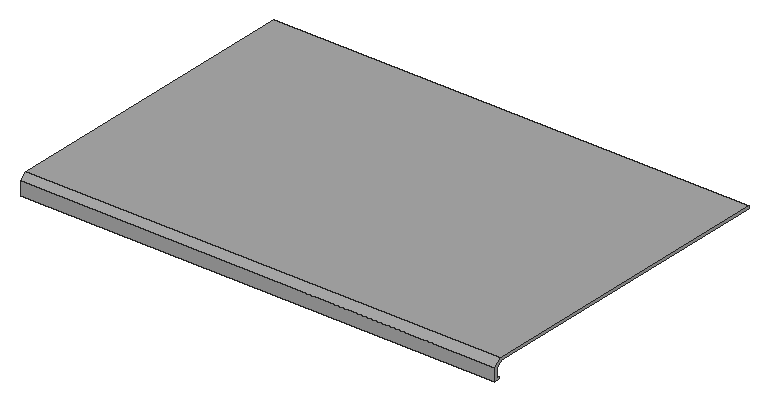
Revit family "Haworth_Belong_Blotter", category Furniture Systems, Revit 2018
Family settings
  Round Connector Dimension = Use Diameter
  Part Type = Normal
  OmniClass Number = 23.25.40.00
  OmniClass Title = Space Division Products
  Work Plane-Based = No
  Always vertical = Yes
  Cut with Voids When Loaded = No
  Shared = No
  Room Calculation Point = No
Parameters (values of type "Blotter")
  Width = 3' - 0"
  Warranty = "http://www.haworth.com/resources/product-info/warranties"
  URL - Product = "http://www.haworth.com/products/accessories/work-tools/belong"
  URL = "www.haworth.com"
  Sustainability Info = "https://www.haworth.com/na/en/expertise/sustainability.html"
  Size = "Verify Final Dimensions With Haworth"  # constant formula
  Revision = "2"  # constant formula
  Model = "Haworth - Belong - Blotter"  # constant formula
  Standard Sizes = "36w x 24d, 36w x 20d, 30w x 20d"  # constant formula
  Min. Width = 2' - 0"  # constant formula
  Min. Depth = 1' - 8"  # constant formula
  Max. Width = 5' - 0"  # constant formula
  Max. Depth = 2' - 0"  # constant formula
  Manufacturer = "Haworth"  # constant formula
  Description = "Haworth_Belong-Blotter"
  Depth = 2' - 0"
  Custom Size = and(Custom 20, Custom 24)  # no
  Custom 24 = not(and(and(Depth = 2' 0"), or(Width = 3' 0")))  # no
  Custom 20 = not(and(and(Depth = 1' 8"), or(Width = 3' 0", Width = 2' 6")))  # yes
  Blotter Finish = Haworth _ Polymer _ Fog
  Author = "Haworth (Hampton)"  # constant formula
  Assembly Code = "E2020200"
  Actual Width = if(Width > Max. Width, Max. Width, if(Width < Min. Width, Min. Width, Width))  # 3' - 0"
  Actual Depth = if(Depth > Max. Depth, Max. Depth, if(Depth < Min. Depth, Min. Depth, Depth))  # 2' - 0"
Reference planes (in)
  plane 1: z = 0
  plane 2 "Left End": x = -0.5
  plane 3 "Top Blotter": z = 30.197
  plane 4 "Bottom Blotter": z = 30.0095
  plane 5 "Blotter Edge Outside": y = -23.70059
  plane 6 "Blotter Lip": y = -23.33058
  plane 7 "Right End": x = 35.5
  plane 8 "Blotter Back": y = 0.29941
  plane 9: through (0, -23.17267, 30.197) normal (0, -0.6142, 0.7891)
  plane 10: through (0, -23.06704, 30.0095) normal (0, -0.6135, 0.7897)
  plane 11: y = -23.50667
  plane 12: z = 28.815
  plane 13: z = 29.01173
Forms (in)
  Extrusion 1, solid, material "Haworth _ Polymer _ Fog" <- "Blotter Finish"
    sketch origin (-0.5, 0, 0) x (0, 1, 0) y (0, 0, 1)
      loop
        line (-23.50667, 29.01173) -> (-23.50667, 29.668) -> (-23.06704, 30.0095) -> (0.29941, 30.0095) -> (0.29941, 30.197) -> (-23.17267, 30.197) -> (-23.70059, 29.78607) -> (-23.70059, 28.815) -> (-23.33058, 28.815) -> (-23.33058, 29.01173) -> (-23.50667, 29.01173)
    from 0 to 36
Lines and regions (in)
  Masking region 1
    outline origin (0, 0, 0) x (1, 0, 0) y (0, 1, 0)
      loop
        line (-0.5, 0.29941) -> (-0.5, -23.70059) -> (35.5, -23.70059) -> (35.5, 0.29941) -> (-0.5, 0.29941)
Dimensions and locks (in)
  "Width": plane 2 "Left End" to plane 7 "Right End"
  locked: plane 6 "Blotter Lip" to plane 5 "Blotter Edge Outside" at 0.37001
  locked: Extrusion 1 to plane 5 "Blotter Edge Outside" at 0.19392
  "Depth": plane 8 "Blotter Back" to plane 5 "Blotter Edge Outside"
  aligned and locked: plane 7 "Right End" to Extrusion 1
  aligned and locked: Extrusion 1 to plane 2 "Left End"
  aligned and locked: Extrusion 1 to plane 8 "Blotter Back"
  aligned and locked: plane 2 "Left End" to Masking region 1 sketch curve
  aligned and locked: plane 8 "Blotter Back" to Masking region 1 sketch curve
  aligned and locked: Masking region 1 sketch curve to plane 7 "Right End"
  aligned and locked: Masking region 1 sketch curve to plane 5 "Blotter Edge Outside"
  aligned and locked: plane 9 to Extrusion 1
  aligned and locked: Extrusion 1 to plane 10
  aligned and locked: plane 5 "Blotter Edge Outside" to Extrusion 1
  aligned and locked: Extrusion 1 to plane 6 "Blotter Lip"
  aligned and locked: Extrusion 1 to plane 11
  aligned and locked: Extrusion 1 to plane 12
  aligned and locked: plane 13 to Extrusion 1
  aligned and locked: plane 3 "Top Blotter" to Extrusion 1
Automatic sketch dimensions
  Extrusion 1 sketch curve to plane 5 "Blotter Edge Outside" = 0' - 0"
  Extrusion 1 sketch curve to plane 6 "Blotter Lip" = 0' - 0"
  plane 3 "Top Blotter" to Extrusion 1 sketch curve = 0' - 0"
  Extrusion 1 sketch curve to plane 4 "Bottom Blotter" = 0' - 0"
  plane 6 "Blotter Lip" to Extrusion 1 sketch curve = 0' - 0.17608"
  Extrusion 1 sketch curve to plane 6 "Blotter Lip" = 0' - 0.15792"
  Extrusion 1 sketch curve to Extrusion 1 sketch curve = 0' - 0.10562"
  Extrusion 1 sketch curve to plane 4 "Bottom Blotter" = 0' - 0.22343"
  Extrusion 1 sketch curve to Extrusion 1 sketch curve = 0' - 0.11807"
  Extrusion 1 sketch curve to Extrusion 1 sketch curve = 0' - 0.65627"
  Extrusion 1 sketch curve to Extrusion 1 sketch curve = 0' - 0.19673"
  Extrusion 1 sketch curve to Extrusion 1 sketch curve = 1' - 11.36645"
